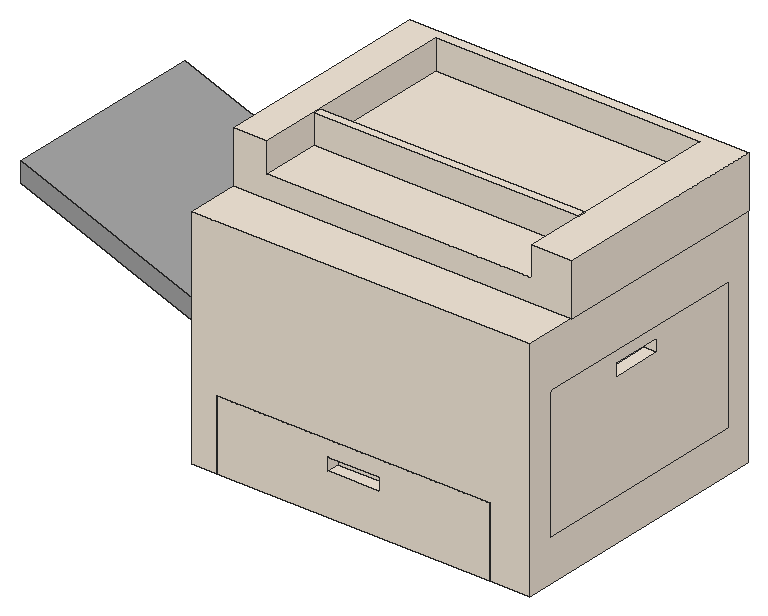
Revit family
Parameters (values of type "Copier - Table")
  Material Tray = Plastic - Gray,Dark
  Material Copier = Plastic - White
  Keynote = "N"
  Assembly Code = "E1010800"
Reference planes
  plane 1 "Center F/B": y = 24.669
  plane 2: z = 0
  plane 3 "Center L/R": x = -2.165
  plane 4: x = -332.365
  plane 5: x = 328.035
  plane 6: y = 291.369
  plane 7: y = -242.031
Forms (mm)
  Extrusion 1, solid, material "Plastic - White" <- "Material Copier"
    sketch origin (0, 0, -472.355) x (1, 0, 0) y (0, 1, 0)
      loop
        line (-332.365, 291.369) -> (-332.365, -242.031) -> (328.035, -242.031) -> (328.035, 291.369) -> (-332.365, 291.369)
    from 472.355 to 914.4
  Extrusion 2, solid, material "Plastic - White" <- "Material Copier"
    sketch origin (0, 0, -472.355) x (1, 0, 0) y (0, 1, 0)
      loop
        line (-332.365, 291.369) -> (-332.365, -139.905) -> (328.035, -139.905) -> (328.035, 291.369) -> (-332.365, 291.369)
    from 914.4 to 1016
  Extrusion 3, void
    sketch origin (0, 0, 0) x (1, 0, 0) y (0, 1, 0)
      loop
        line (-267.296, 271.111) -> (-267.296, -151.694) -> (249.314, -151.694) -> (249.314, 271.111) -> (-267.296, 271.111)
    from 486.34 to 543.645
  Extrusion 4, void
    sketch origin (-332.365, -242.031, -30.311) x (0, 0, -1) y (1, 0, 0)
      loop
        line (-30.311, 48.279) -> (-30.311, 581.679) -> (-167.555, 581.679) -> (-167.555, 48.279) -> (-30.311, 48.279)
    from 0 to -50.8
  Extrusion 5, solid, material "Plastic - White"
    sketch origin (0, 24.669, -472.355) x (1, 0, 0) y (0, 0, 1)
      loop
        line (-284.086, 472.355) -> (249.314, 472.355) -> (249.314, 609.6) -> (-284.086, 609.6) -> (-284.086, 472.355)
    from 266.7 to 215.9
  Extrusion 6, void
    sketch origin (-332.365, -242.031, -30.311) x (0, 0, -1) y (1, 0, 0)
      loop
        line (-136.815, 265.591) -> (-111.415, 265.591) -> (-111.415, 367.191) -> (-136.815, 367.191) -> (-136.815, 265.591)
    from 0 to -25.4
  Extrusion 7, solid, material "Plastic - White" <- "Material Copier"
    sketch origin (0, 0, 0) x (1, 0, 0) y (0, 1, 0)
      loop
        line (-267.296, -26.131) -> (249.314, -26.131) -> (249.314, -10.058) -> (-267.296, -10.058) -> (-267.296, -26.131)
    from 486.34 to 543.645
  Extrusion 8, solid, material "Plastic - Gray,Dark" <- "Material Tray"
    sketch origin (0, 24.669, 0) x (1, 0, 0) y (0, 0, 1)
      loop
        line (-332.365, 200.666) -> (-332.365, 239.235) -> (-708.263, 376.051) -> (-708.263, 337.481) -> (-332.365, 200.666)
    from -185.012 to 215.9
  Extrusion 9, void
    sketch origin (328.035, -242.031, 442.045) x (0, 0, -1) y (0, 1, 0)
      loop
        line (104.563, 50.8) -> (358.563, 50.8) -> (358.563, 482.6) -> (104.563, 482.6) -> (104.563, 50.8)
    from 0 to -78.721
  Extrusion 10, solid, material "Plastic - White"
    sketch origin (328.035, -242.031, 442.045) x (0, 0, -1) y (0, 1, 0)
      loop
        line (104.563, 50.8) -> (358.563, 50.8) -> (358.563, 482.6) -> (104.563, 482.6) -> (104.563, 50.8)
    from 0 to -50.8
  Extrusion 11, void
    sketch origin (328.035, -242.031, 442.045) x (0, 0, -1) y (0, 1, 0)
      loop
        line (125.278, 209.502) -> (150.678, 209.502) -> (150.678, 311.102) -> (125.278, 311.102) -> (125.278, 209.502)
    from 0 to -25.4
Cuts and joins
  Extrusion 3, Extrusion 4, Extrusion 6, Extrusion 9, Extrusion 11 cuts Extrusion 1
  Extrusion 3, Extrusion 4, Extrusion 6, Extrusion 9, Extrusion 11 cuts Extrusion 2
  Extrusion 6, Extrusion 9, Extrusion 11 cuts Extrusion 5
  Extrusion 9, Extrusion 11 cuts Extrusion 7
  Extrusion 9, Extrusion 11 cuts Extrusion 8
  Extrusion 11 cuts Extrusion 10
Lines and regions (mm)
  Masking region 1
    outline origin (0, 0, 0) x (1, 0, 0) y (0, 1, 0)
      loop
        line (328.035, 291.369) -> (-332.365, 291.369) -> (-332.365, 209.68) -> (-708.263, 209.68) -> (-708.263, -191.231) -> (-332.365, -191.231) -> (-332.365, -242.031) -> (328.035, -242.031) -> (328.035, 291.369)
  symbolic lines
    curve 1: line (-332.365, 209.68, 0) -> (-708.263, 209.68, 0)
    curve 2: line (-708.263, 209.68, 0) -> (-708.263, -191.231, 0)
    curve 3: line (-708.263, -191.231, 0) -> (-332.365, -191.231, 0)
    curve 4: line (-332.365, 291.369, 0) -> (-332.365, -242.031, 0)
    curve 5: line (328.035, 291.369, 0) -> (-332.365, 291.369, 0)
    curve 6: line (328.035, -242.031, 0) -> (328.035, 291.369, 0)
    curve 7: line (-332.365, -139.905, 0) -> (328.035, -139.905, 0)
    curve 8: line (-267.296, 271.111, 0) -> (-267.296, -139.905, 0)
    curve 9: line (-267.296, 271.111, 0) -> (249.314, 271.111, 0)
    curve 10: line (249.314, -191.231, 0) -> (249.314, 271.111, 0)
    curve 11: line (249.314, -10.058, 0) -> (-267.296, -10.058, 0)
    curve 12: line (-267.296, -26.131, 0) -> (249.314, -26.131, 0)
    curve 13: line (277.235, 240.569, 0) -> (277.235, -191.231, 0)
    curve 14: line (-332.365, -242.031, 0) -> (328.035, -242.031, 0)
    curve 15: line (34.826, -216.631, 0) -> (-66.774, -216.631, 0)
    curve 16: line (-66.774, -216.631, 0) -> (-66.774, -242.031, 0)
    curve 17: line (34.826, -242.031, 0) -> (34.826, -216.631, 0)
    curve 18: line (249.314, -191.231, 0) -> (-284.086, -191.231, 0)
    curve 19: line (-284.086, -191.231, 0) -> (-284.086, -242.031, 0)
    curve 20: line (249.314, -242.031, 0) -> (249.314, -191.231, 0)
    curve 21: line (249.314, -191.231, 0) -> (328.035, -191.231, 0)
    curve 22: line (328.035, 240.569, 0) -> (249.314, 240.569, 0)
    curve 23: line (302.635, 69.071, 0) -> (302.635, -32.529, 0)
    curve 24: line (328.035, 69.071, 0) -> (302.635, 69.071, 0)
    curve 25: line (302.635, -32.529, 0) -> (328.035, -32.529, 0)
